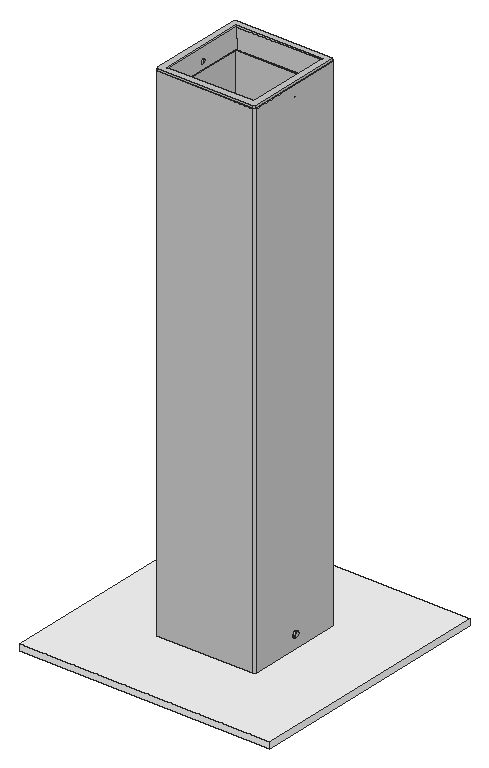
Revit family "BE_84002_de_DE", category Leuchten, Revit 2020
Family settings
  Basisbauteil = Fläche
  Bemaßung runder Anschluss = Durchmesser verwenden
  Teiletyp = Normal
  Beim Laden mit Abzugskörper schneiden = Ja
  Lichtquelle = Nein
  Gemeinsam genutzt = Nein
  Raumberechnungspunkt = Ja
Parameters (values of type "BEGA_84002_Silber")
  Default Elevation = 0 mm
  Umgebungstemperatur = ""
  URL = "https://www.bega.com/de/produkt/84002"
  Typenkommentare = "© 2022 BEGA. Wir behalten uns das Recht vor, technische Änderungen ohne vorherige Ankündigung vorzunehmen."  # constant formula
  Typenbild = 84002.png
  Sonderanfertigung = no
  Seriennummer [instance] = "Hier können Sie die eindeutige Seriennummer für das Facility Management eintragen."
  Schutzklasse = ""
  Schutzart = ""
  Scheinlast = 0 VA
  Produktdatenblatt = "https://cdn.bega.com/bega/products/84002A/current/documents/data-sheets/de"
  Oberflächentemperatur = ""
  Modell = "84002A"
  Material_18 = BEGA_Gummi_schwarz
  Material_17 = BEGA_Reflektor
  Material_11 = BEGA_Glas_opal
  Material_09 = BEGA_Glas_klar
  Material_06 = BEGA_Oberfläche_Edelstahl_gebürstet
  Material_03 = BEGA_Oberfläche_Weiss_matt
  Material_02 = BEGA_Oberfläche_Silber_matt
  Material_01 [instance] = BEGA_Oberfläche_Grafit_matt
  M_W = no
  M_G = no
  M_A = yes
  Logo = 0
  Leuchtenanzahl = ""
  Lastklassifizierung = Beleuchtung
  Hersteller = "BEGA"  # constant formula
  Halbstreuwinkel = ""
  Gewicht = "5.2 kg"
  Gebrauchslageneinschränkung [instance] = ""
  Erdstück = no
  Energieeffizienzklasse = ""
  ENEC = ""
  Dimmbar [instance] = "on/off"
  CE_Konformität = "ja"
  Bestellnummer_Erdstück = if(Erdstück, "70895", "---")  # "---"
  Bestellnummer = "84002A"
  Beschreibung_Sonderanfertigung = "Hier können Sie Informationen zur Sonderanfertigung eintragen."
  Beschreibung = "Pollerleuchtenrohr"
  Befestigungsbohrung = ""
  Befestigungsabstand = ""
  Ballwurfsicher = ""
  BEGA_Intern_aus = yes
  BEGA_Intern_an = yes
  BEGA_Intern_Konstruktion = yes
  BEGA_Intern = yes
  BEGA_IES = yes
  BEGA_Dummy = no
  Aktualisierung = "2022-05-19T04:00:07"
Types (2, lengths in mm): name | Modell | M_G | M_A | Bestellnummer
  BEGA_84002_Grafit | "84002" | yes | no | "84002"
  BEGA_84002_Silber | "84002A" | no | yes | "84002A"
Reference planes
  plane 1 "Mitte (Vorne/Hinten)": y = 0
  plane 2: z = 0
  plane 3 "Mitte (Links/Rechts)": x = 0
  plane 4 "Links": x = -80
  plane 5 "Rechts": x = 80
  plane 6 "Unten": y = -80
  plane 7 "Oben": y = 80
  plane 8 "Vorne": z = 815.25
  plane 9 "Hinten": z = 0
Forms (mm)
  Extrusion 1, solid, material "BEGA_Platte_Weiss"
    sketch origin (0, -1119.2, 0) x (1, 0, 0) y (0, 1, 0)
      loop
        line (-200, 1319.2) -> (-200, 919.2) -> (200, 919.2) -> (200, 1319.2) -> (-200, 1319.2)
    from 0 to -10
  Extrusion 2, solid, material "BEGA_Dummy_matt", visible <- "BEGA_Dummy"
    sketch origin (80.095, -76.023, 0) x (1, 0, 0) y (0, 1, 0)
      loop
        line (-160.095, 156.023) -> (-160.095, -3.977) -> (-0.095, -3.977) -> (-0.095, 156.023) -> (-160.095, 156.023)
    from 0 to 815.25
Dimensions and locks
  plane 1 "Mitte (Vorne/Hinten)" to Extrusion 1 = 200 mm
  aligned and locked: plane 2 to Extrusion 1
  aligned and locked: level to Extrusion 1
Nested families
  nested 1: "BE_84002_Pollerrohr" at (0, 0, 0), type "BE_84002_Pollerrohr"
Connectors
  electrical at (0, 0, 0), driven by "Lastklassifizierung", driven by "Scheinlast"
    settings: index 1, voltage 0 V, apparent load 0 VA, apparent load phase1 0 VA, apparent load phase2 0 VA, apparent load phase3 0 VA, power factor 1, load classification "Beleuchtung", number of poles 1, system type 31, power factor state 1, is connector primary yes, connector utility no, sub classification motor no, connector description ""
Definition of nested family "BE_84002_Pollerrohr"
  Parameters (values of type "BE_84002_Pollerrohr")
    Default Elevation = 1 mm
    URL = "http://www.bega.de/de/produkt"
    Type Comments = "© 2015 BEGA. Wir behalten uns das Recht vor, technische Änderungen ohne vorherige Ankündigung vorzunehmen. "  # constant formula
    Type Image = (empty or 0)
    Material_18 = none
    Material_17 = none
    Material_15 = none
    Material_11 = none
    Material_09 = none
    Material_06 = none
    Material_03 = none
    Material_02 = none
    Material_01 = none
    M_W = yes
    M_G = yes
    M_A = yes
    Länge_Platte = 200 mm  # constant formula
    Höhe_Platte = -10 mm  # constant formula
    Manufacturer = "BEGA"  # constant formula
    Breite_Platte = 200 mm  # constant formula
  Reference planes
    plane 1 "Mitte (Oben/Unten)": y = 0
    plane 2: z = 0
    plane 3 "Mitte (Links/Rechts)": x = 0
    plane 4: x = -80
    plane 5: x = 80
    plane 6: y = -80
    plane 7: y = 80
    plane 8: z = 815.25
  Forms (mm)
    Extrusion 1, solid, detail levels medium
      sketch origin (0, 0, 0) x (1, 0, 0) y (0, 1, 0)
        loop
          line (-100, 100) -> (-100, -100) -> (100, -100) -> (100, 100) -> (-100, 100)
      from 0 to -10 <- "Höhe_Platte"
    Sweep 2, solid, material <- "Material_01", visible <- "M_G", detail levels medium+fine
      path origin (0, 0, 0) x (1, 0, 0) y (0, 1, 0)
        loop
          line (-80, -80) -> (80, -80) -> (80, 80) -> (-80, 80) -> (-80, -80)
      profile origin (-80, 0, 0) x (-1, 0, 0) y (0, 0, 1)
        loop
          line (0, 2.25) -> (0, 812.25) -> (-2.5, 812.25) -> (-2.5, 2.25) -> (0, 2.25)
    Revolve 3, solid, material <- "Material_01", visible <- "M_G", detail levels medium+fine
      sketch origin (0, 0, 0) x (1, 0, 0) y (0, 0, 1)
        loop
          line (-76, 0) -> (0, 0) -> (0, 5.5) -> (-76, 5.5) -> (-76, 0)
        axis (0, 5.5) -> (0, 0)
      angle from 0 to 360
    Extrusion 4, void
      sketch origin (0, 0, 0) x (1, 0, 0) y (0, 1, 0)
        loop
          arc (37.007, 10.621) -> (32.676, 13.011) -> (30.28, 8.683) r 3.5
          arc (30.28, 8.683) -> (31.501, 0.001) -> (30.281, -8.682) r 31.5
          arc (30.281, -8.682) -> (32.683, -13.012) -> (37.011, -10.606) r 3.5
          arc (37.011, -10.606) -> (38.501, 0.008) -> (37.007, 10.621) r 38.5
        loop
          arc (-7.62, 30.564) -> (-5.071, 34.807) -> (-9.314, 37.357) r 3.5
          arc (-9.314, 37.357) -> (-19.25, 33.342) -> (-27.694, 26.744) r 38.5
          arc (-27.694, 26.744) -> (-27.608, 21.795) -> (-22.659, 21.882) r 3.5
          arc (-22.659, 21.882) -> (-15.75, 27.28) -> (-7.62, 30.564) r 31.5
        loop
          arc (-22.655, -21.885) -> (-27.603, -21.791) -> (-27.698, -26.739) r 3.5
          arc (-27.698, -26.739) -> (-19.247, -33.343) -> (-9.301, -37.359) r 38.5
          arc (-9.301, -37.359) -> (-5.069, -34.801) -> (-7.619, -30.564) r 3.5
          arc (-7.619, -30.564) -> (-15.747, -27.281) -> (-22.655, -21.885) r 31.5
        loop
          arc (-52.386, 15.021) -> (-54.497, 0.004) -> (-52.388, -15.014) r 54.493
          arc (-52.388, -15.014) -> (-46.83, -18.105) -> (-43.744, -12.544) r 4.495
          arc (-43.744, -12.544) -> (-45.507, -0.001) -> (-43.745, 12.543) r 45.516
          arc (-43.745, 12.543) -> (-46.826, 18.102) -> (-52.386, 15.021) r 4.495
        loop
          arc (32.736, 31.613) -> (39.091, 31.504) -> (39.201, 37.859) r 4.495
          arc (39.201, 37.859) -> (27.254, 47.193) -> (13.199, 52.875) r 54.493
          arc (13.199, 52.875) -> (7.738, 49.612) -> (11.01, 44.157) r 4.494
          arc (11.01, 44.157) -> (22.754, 39.411) -> (32.736, 31.613) r 45.516
        loop
          arc (11.011, -44.156) -> (7.737, -49.605) -> (13.186, -52.878) r 4.495
          arc (13.186, -52.878) -> (27.246, -47.198) -> (39.197, -37.863) r 54.493
          arc (39.197, -37.863) -> (39.096, -31.505) -> (32.737, -31.612) r 4.495
          arc (32.737, -31.612) -> (22.755, -39.411) -> (11.011, -44.156) r 45.516
      from 0 to 8.204
    Extrusion 5, solid, material <- "Material_01", visible <- "M_G", detail levels medium+fine
      sketch origin (0, 0, 0) x (1, 0, 0) y (0, 1, 0)
        loop
          line (-77.5, -77.5) -> (77.5, -77.5) -> (77.5, 77.5) -> (-77.5, 77.5) -> (-77.5, -77.5)
        loop
          circle (0, 0) r 76
      from 5.5 to 10
    Extrusion 6, void
      sketch origin (0, 0, 0) x (1, 0, 0) y (0, 1, 0)
        loop
          line (80.489, 80.398) -> (76.42, 80.398) -> (80.489, 76.329) -> (80.489, 80.398)
        loop
          line (-80.489, 80.398) -> (-80.489, 76.329) -> (-76.42, 80.398) -> (-80.489, 80.398)
        loop
          line (80.489, -80.398) -> (80.489, -76.329) -> (76.42, -80.398) -> (80.489, -80.398)
        loop
          line (-80.489, -80.398) -> (-76.42, -80.398) -> (-80.489, -76.329) -> (-80.489, -80.398)
      from 0 to 812.25
    Sweep 7, solid, material <- "Material_01", visible <- "M_G", detail levels medium+fine
      path origin (0, 0, 0) x (1, 0, 0) y (0, 1, 0)
        loop
          line (-80, 80) -> (-80, -80) -> (80, -80) -> (80, 80) -> (-80, 80)
      profile origin (-80, 0, 0) x (1, 0, 0) y (0, 0, 1)
        loop
          line (1, 812.25) -> (2.75, 812.25) -> (2.75, 775.75) -> (6.5, 775.75) -> (12.681, 781.931) -> (11.567, 813.82)
          arc (11.567, 813.82) -> (11.377, 814.605) -> (10.892, 815.25) r 2
          line (10.892, 815.25) -> (1, 815.25) -> (1, 812.25)
    Extrusion 8, void
      sketch origin (0, 0, 0) x (1, 0, 0) y (0, 1, 0)
        loop
          line (-76.464, 79) -> (-79, 79) -> (-79, 76.464) -> (-76.464, 79)
        loop
          line (76.464, 79) -> (79, 76.464) -> (79, 79) -> (76.464, 79)
        loop
          line (-76.464, -79) -> (-79, -76.464) -> (-79, -79) -> (-76.464, -79)
        loop
          line (76.464, -79) -> (79, -79) -> (79, -76.464) -> (76.464, -79)
      from 812.25 to 816.372
    Revolve 9, void
      sketch origin (0, 0, 0) x (1, 0, 0) y (0, 0, 1)
        loop
          line (73.928, 29.5) -> (73.928, 24.25) -> (80.728, 24.25) -> (80.728, 29.5) -> (73.928, 29.5)
        axis (73.928, 24.25) -> (80.728, 24.25)
      angle from 0 to 360
    Revolve 10, solid, material <- "Material_06", detail levels fine
      sketch origin (0, 0, 0) x (1, 0, 0) y (0, 0, 1)
        loop
          line (81.58, 29.25) -> (73.265, 29.25) -> (73.265, 24.25) -> (82.5, 24.25) -> (82.5, 28.33) -> (81.58, 29.25)
        axis (73.265, 24.25) -> (82.5, 24.25)
      angle from 0 to 360
    Revolve 11, void
      sketch origin (0, 0, 0) x (-1, 0, 0) y (0, 0, 1)
        loop
          line (80.356, 796.75) -> (72.98, 796.75) -> (72.98, 794.75) -> (80.356, 794.75) -> (80.356, 796.75)
        axis (72.98, 794.75) -> (80.356, 794.75)
      angle from 0 to 360
    Revolve 12, solid, material <- "Material_02", visible <- "M_A", detail levels medium+fine
      sketch origin (0, 0, 0) x (1, 0, 0) y (0, 0, 1)
        loop
          line (-76, 0) -> (0, 0) -> (0, 5.5) -> (-76, 5.5) -> (-76, 0)
        axis (0, 5.5) -> (0, 0)
      angle from 0 to 360
    Extrusion 13, solid, material <- "Material_02", visible <- "M_A", detail levels medium+fine
      sketch origin (0, 0, 0) x (1, 0, 0) y (0, 1, 0)
        loop
          line (-77.5, -77.5) -> (77.5, -77.5) -> (77.5, 77.5) -> (-77.5, 77.5) -> (-77.5, -77.5)
        loop
          circle (0, 0) r 76
      from 5.5 to 10
    Sweep 14, solid, material <- "Material_02", visible <- "M_A", detail levels medium+fine
      path origin (0, 0, 0) x (1, 0, 0) y (0, 1, 0)
        loop
          line (-80, -80) -> (80, -80) -> (80, 80) -> (-80, 80) -> (-80, -80)
      profile origin (-80, 0, 0) x (-1, 0, 0) y (0, 0, 1)
        loop
          line (0, 2.25) -> (0, 812.25) -> (-2.5, 812.25) -> (-2.5, 2.25) -> (0, 2.25)
    Sweep 15, solid, material <- "Material_02", visible <- "M_A", detail levels medium+fine
      path origin (0, 0, 0) x (1, 0, 0) y (0, 1, 0)
        loop
          line (-80, 80) -> (-80, -80) -> (80, -80) -> (80, 80) -> (-80, 80)
      profile origin (-80, 0, 0) x (1, 0, 0) y (0, 0, 1)
        loop
          line (1, 812.25) -> (2.75, 812.25) -> (2.75, 775.75) -> (6.5, 775.75) -> (12.681, 781.931) -> (11.567, 813.82)
          arc (11.567, 813.82) -> (11.377, 814.605) -> (10.892, 815.25) r 2
          line (10.892, 815.25) -> (1, 815.25) -> (1, 812.25)
    Revolve 16, solid, material <- "Material_06", detail levels fine
      sketch origin (0, 0, 440) x (1, 0, 0) y (0, 0, 1)
        loop
          line (-65.461, 354.75) -> (-67.28, 357.9) -> (-75.75, 357.9) -> (-75.75, 354.75) -> (-65.461, 354.75)
        axis (-75.75, 354.75) -> (-65.461, 354.75)
      angle from 0 to 360
    Revolve 17, void
      sketch origin (0, 0, 0) x (1, 0, 0) y (0, 0, -1)
        loop
          line (80.356, -796.75) -> (80.356, -794.75) -> (72.98, -794.75) -> (72.98, -796.75) -> (80.356, -796.75)
        axis (72.98, -794.75) -> (80.356, -794.75)
      angle from 0 to 360
    Revolve 18, solid, material <- "Material_06", detail levels fine
      sketch origin (0, 0, 440) x (-1, 0, 0) y (0, 0, 1)
        loop
          line (-65.461, 354.75) -> (-67.28, 357.9) -> (-75.75, 357.9) -> (-75.75, 354.75) -> (-65.461, 354.75)
        axis (-75.75, 354.75) -> (-65.461, 354.75)
      angle from 0 to 360
  Cuts and joins
    Extrusion 4 cuts Revolve 3
    joined: Revolve 3, Extrusion 5
    Extrusion 6, Extrusion 8, Revolve 9, Revolve 11, Revolve 17 cuts Sweep 2
    Extrusion 6, Extrusion 8, Revolve 9, Revolve 11, Revolve 17 cuts Sweep 7
    joined: Sweep 2, Sweep 7
    Extrusion 4 cuts Revolve 12
    joined: Revolve 12, Extrusion 13
    Extrusion 6, Revolve 9, Revolve 11, Revolve 17 cuts Sweep 14
    Extrusion 6, Extrusion 8, Revolve 11, Revolve 17 cuts Sweep 15
    joined: Sweep 14, Sweep 15
  Dimensions and locks
    equal spacing: Extrusion 1 sketch curve, plane 3 "Mitte (Links/Rechts)", Extrusion 1 sketch curve
    equal spacing: Extrusion 1 sketch curve, plane 1 "Mitte (Oben/Unten)", Extrusion 1 sketch curve
    "Länge_Platte": Extrusion 1 sketch curve to Extrusion 1 sketch curve
    "Breite_Platte": Extrusion 1 sketch curve to Extrusion 1 sketch curve
    aligned and locked: Extrusion 1 to plane 2
    aligned and locked: level to Extrusion 1
  Automatic sketch dimensions
    Sweep 2 sketch curve to plane 4 = 0 mm
    Sweep 2 sketch curve to plane 5 = 0 mm
    Sweep 2 sketch curve to plane 6 = 0 mm
    plane 7 to Sweep 2 sketch curve = 0 mm
    Sweep 2 sketch curve to profile plane = 0 mm
    Sweep 2 sketch curve to Sweep 2 sketch curve = 2.5 mm
    level to Sweep 2 sketch curve = 2.25 mm
    Sweep 2 sketch curve to Sweep 2 sketch curve = 810 mm
    Revolve 3 sketch curve to level = 0 mm  (x2)
    Revolve 3 sketch curve to plane 3 "Mitte (Links/Rechts)" = 0 mm  (x2)
    plane 4 to Revolve 3 sketch curve = 4 mm
    Revolve 3 sketch curve to Revolve 3 sketch curve = 5.5 mm
    Revolve 3 sketch curve to Revolve 3 sketch curve = 0 mm
    Extrusion 4 sketch curve to plane 1 "Mitte (Oben/Unten)" = 13.782 mm
    plane 4 to Extrusion 4 sketch curve = 31.935 mm
    Extrusion 4 sketch curve to Extrusion 4 sketch curve = 0 mm  (x34)
    Extrusion 4 sketch curve to plane 3 "Mitte (Links/Rechts)" = 25.177 mm
    Extrusion 4 sketch curve to plane 3 "Mitte (Links/Rechts)" = 25.176 mm
    Extrusion 4 sketch curve to plane 3 "Mitte (Links/Rechts)" = 8.467 mm
    Extrusion 4 sketch curve to plane 3 "Mitte (Links/Rechts)" = 8.466 mm
    Extrusion 4 sketch curve to plane 1 "Mitte (Oben/Unten)" = 0 mm  (x3)
    Extrusion 4 sketch curve to plane 3 "Mitte (Links/Rechts)" = 0.004 mm
    Extrusion 4 sketch curve to plane 3 "Mitte (Links/Rechts)" = 0.003 mm  (x2)
    plane 3 "Mitte (Links/Rechts)" to Extrusion 4 sketch curve = 0.001 mm
    plane 3 "Mitte (Links/Rechts)" to Extrusion 4 sketch curve = 0.003 mm
    plane 3 "Mitte (Links/Rechts)" to Extrusion 4 sketch curve = 0.004 mm
    Extrusion 4 sketch curve to Extrusion 4 sketch curve = 0.005 mm
    plane 3 "Mitte (Links/Rechts)" to Extrusion 4 sketch curve = 12.097 mm
    plane 3 "Mitte (Links/Rechts)" to Extrusion 4 sketch curve = 12.098 mm
    Extrusion 4 sketch curve to plane 1 "Mitte (Oben/Unten)" = 9.648 mm
    plane 3 "Mitte (Links/Rechts)" to Extrusion 4 sketch curve = 33.645 mm
    plane 1 "Mitte (Oben/Unten)" to Extrusion 4 sketch curve = 9.647 mm
    Extrusion 4 sketch curve to Extrusion 4 sketch curve = 2.324 mm
    Extrusion 4 sketch curve to Extrusion 4 sketch curve = 2.325 mm
    plane 1 "Mitte (Oben/Unten)" to Extrusion 4 sketch curve = 13.783 mm
    plane 1 "Mitte (Oben/Unten)" to Extrusion 4 sketch curve = 24.313 mm
    Extrusion 4 sketch curve to Extrusion 4 sketch curve = 9.647 mm
    Extrusion 4 sketch curve to Extrusion 4 sketch curve = 25.088 mm  (x2)
    Extrusion 4 sketch curve to Extrusion 4 sketch curve = 14.557 mm  (x2)
    plane 1 "Mitte (Oben/Unten)" to Extrusion 4 sketch curve = 0.007 mm
    plane 1 "Mitte (Oben/Unten)" to Extrusion 4 sketch curve = 0.004 mm
    Extrusion 4 sketch curve to plane 1 "Mitte (Oben/Unten)" = 0.003 mm
    Extrusion 4 sketch curve to Extrusion 4 sketch curve = 0.007 mm
    Extrusion 4 sketch curve to plane 1 "Mitte (Oben/Unten)" = 24.313 mm
    Extrusion 4 sketch curve to Extrusion 4 sketch curve = 9.648 mm
    Extrusion 4 sketch curve to Extrusion 4 sketch curve = 4.32 mm  (x3)
    Extrusion 4 sketch curve to Extrusion 4 sketch curve = 4.323 mm
    Extrusion 4 sketch curve to Extrusion 4 sketch curve = 2.523 mm
    Extrusion 4 sketch curve to Extrusion 4 sketch curve = 2.518 mm  (x2)
    Extrusion 4 sketch curve to Extrusion 4 sketch curve = 2.521 mm
    Extrusion 4 sketch curve to Extrusion 4 sketch curve = 0.847 mm  (x3)
    Extrusion 4 sketch curve to Extrusion 4 sketch curve = 0.835 mm
    Extrusion 4 sketch curve to Extrusion 4 sketch curve = 1.088 mm
    Extrusion 4 sketch curve to Extrusion 4 sketch curve = 1.087 mm  (x2)
    Extrusion 4 sketch curve to Extrusion 4 sketch curve = 1.102 mm
    Extrusion 4 sketch curve to Extrusion 4 sketch curve = 3.364 mm  (x2)
    Extrusion 4 sketch curve to Extrusion 4 sketch curve = 3.233 mm  (x2)
    Extrusion 4 sketch curve to Extrusion 4 sketch curve = 0.001 mm  (x2)
    Extrusion 4 sketch curve to Extrusion 4 sketch curve = 3.362 mm
    Extrusion 4 sketch curve to Extrusion 4 sketch curve = 3.366 mm
    Extrusion 4 sketch curve to Extrusion 4 sketch curve = 3.226 mm
    Extrusion 4 sketch curve to Extrusion 4 sketch curve = 3.232 mm
    Extrusion 4 sketch curve to Extrusion 4 sketch curve = 0.959 mm
    Extrusion 4 sketch curve to Extrusion 4 sketch curve = 1.239 mm
    Extrusion 4 sketch curve to Extrusion 4 sketch curve = 2.428 mm
    Extrusion 4 sketch curve to Extrusion 4 sketch curve = 3.122 mm
    Extrusion 4 sketch curve to Extrusion 4 sketch curve = 2.431 mm
    Extrusion 4 sketch curve to Extrusion 4 sketch curve = 3.123 mm
    Extrusion 5 sketch curve to Extrusion 5 sketch curve = 0 mm  (x2)
    plane 1 "Mitte (Oben/Unten)" to Extrusion 5 sketch curve = 0 mm
    Extrusion 5 sketch curve to plane 3 "Mitte (Links/Rechts)" = 0 mm
    plane 4 to Extrusion 5 sketch curve = 2.5 mm
    plane 5 to Extrusion 5 sketch curve = 2.5 mm
    plane 6 to Extrusion 5 sketch curve = 2.5 mm
    plane 7 to Extrusion 5 sketch curve = 2.5 mm
    plane 4 to Extrusion 5 sketch curve = 4 mm
    Extrusion 6 sketch curve to plane 4 = 0.489 mm  (x2)
    Extrusion 6 sketch curve to plane 7 = 0.398 mm  (x2)
    plane 4 to Extrusion 6 sketch curve = 3.58 mm  (x2)
    Extrusion 6 sketch curve to plane 6 = 0.398 mm  (x2)
    plane 5 to Extrusion 6 sketch curve = 3.58 mm  (x2)
    Extrusion 6 sketch curve to plane 5 = 0.489 mm  (x2)
    plane 6 to Extrusion 6 sketch curve = 3.671 mm  (x2)
    plane 7 to Extrusion 6 sketch curve = 3.671 mm  (x2)
    Sweep 7 sketch curve to plane 4 = 0 mm
    Sweep 7 sketch curve to plane 5 = 0 mm
    Sweep 7 sketch curve to plane 6 = 0 mm
    Sweep 7 sketch curve to plane 7 = 0 mm
    Sweep 7 sketch curve to profile plane = 1 mm
    Sweep 7 sketch curve to Sweep 7 sketch curve = 1.75 mm
    Sweep 7 sketch curve to Sweep 7 sketch curve = 3.75 mm
    Sweep 7 sketch curve to Sweep 7 sketch curve = 6.819 mm
    Sweep 7 sketch curve to Sweep 7 sketch curve = 1.323 mm
    Sweep 7 sketch curve to Sweep 7 sketch curve = 6.181 mm  (x2)
    level to Sweep 7 sketch curve = 775.75 mm
    Sweep 7 sketch curve to Sweep 7 sketch curve = 30.319 mm
    Sweep 7 sketch curve to Sweep 7 sketch curve = 1.5 mm
    Sweep 7 sketch curve to Sweep 7 sketch curve = 3 mm
    Sweep 7 sketch curve to Sweep 7 sketch curve = 0.676 mm
    Sweep 7 sketch curve to Sweep 7 sketch curve = 0 mm  (x2)
    plane 4 to Extrusion 8 sketch curve = 1 mm  (x2)
    plane 6 to Extrusion 8 sketch curve = 1 mm  (x2)
    Extrusion 8 sketch curve to Extrusion 8 sketch curve = 2.536 mm  (x6)
    plane 7 to Extrusion 8 sketch curve = 1 mm  (x2)
    plane 5 to Extrusion 8 sketch curve = 3.536 mm  (x2)
    plane 5 to Extrusion 8 sketch curve = 1 mm  (x2)
    plane 5 to Revolve 9 sketch curve = 6.072 mm
    Revolve 9 sketch curve to plane 5 = 0.728 mm
    level to Revolve 9 sketch curve = 24.25 mm
    Revolve 9 sketch curve to Revolve 9 sketch curve = 5.25 mm
    Revolve 9 sketch curve to Revolve 9 sketch curve = 0 mm  (x3)
    plane 5 to Revolve 10 sketch curve = 6.735 mm
    Revolve 10 sketch curve to plane 5 = 1.58 mm
    Revolve 10 sketch curve to Revolve 10 sketch curve = 0.92 mm
    level to Revolve 10 sketch curve = 24.25 mm
    Revolve 10 sketch curve to Revolve 10 sketch curve = 4.08 mm
    Revolve 10 sketch curve to Revolve 10 sketch curve = 5 mm
    Revolve 10 sketch curve to Revolve 10 sketch curve = 0 mm  (x3)
    plane 4 to Revolve 11 sketch curve = 7.02 mm
    Revolve 11 sketch curve to plane 4 = 0.356 mm
    Revolve 11 sketch curve to Revolve 11 sketch curve = 2 mm
    plane 4 to Revolve 11 sketch curve = 2.919 mm
    Revolve 11 sketch curve to Revolve 11 sketch curve = 0 mm  (x2)
    Revolve 12 sketch curve to level = 0 mm  (x2)
    Revolve 12 sketch curve to plane 3 "Mitte (Links/Rechts)" = 0 mm  (x2)
    plane 4 to Revolve 12 sketch curve = 4 mm
    Revolve 12 sketch curve to Revolve 12 sketch curve = 5.5 mm
    Revolve 12 sketch curve to Revolve 12 sketch curve = 0 mm
    Extrusion 13 sketch curve to Extrusion 13 sketch curve = 0 mm  (x2)
    plane 1 "Mitte (Oben/Unten)" to Extrusion 13 sketch curve = 0 mm
    Extrusion 13 sketch curve to plane 3 "Mitte (Links/Rechts)" = 0 mm
    plane 4 to Extrusion 13 sketch curve = 2.5 mm
    plane 5 to Extrusion 13 sketch curve = 2.5 mm
    plane 6 to Extrusion 13 sketch curve = 2.5 mm
    plane 7 to Extrusion 13 sketch curve = 2.5 mm
    plane 4 to Extrusion 13 sketch curve = 4 mm
    Sweep 14 sketch curve to plane 4 = 0 mm
    Sweep 14 sketch curve to plane 5 = 0 mm
    Sweep 14 sketch curve to plane 6 = 0 mm
    plane 7 to Sweep 14 sketch curve = 0 mm
    Sweep 14 sketch curve to profile plane = 0 mm
    Sweep 14 sketch curve to Sweep 14 sketch curve = 2.5 mm
    level to Sweep 14 sketch curve = 2.25 mm
    Sweep 14 sketch curve to Sweep 14 sketch curve = 810 mm
    Sweep 15 sketch curve to plane 4 = 0 mm
    Sweep 15 sketch curve to plane 5 = 0 mm
    Sweep 15 sketch curve to plane 6 = 0 mm
    Sweep 15 sketch curve to plane 7 = 0 mm
    Sweep 15 sketch curve to profile plane = 1 mm
    Sweep 15 sketch curve to Sweep 15 sketch curve = 1.75 mm
    Sweep 15 sketch curve to Sweep 15 sketch curve = 3.75 mm
    Sweep 15 sketch curve to Sweep 15 sketch curve = 6.819 mm
    Sweep 15 sketch curve to Sweep 15 sketch curve = 1.323 mm
    Sweep 15 sketch curve to Sweep 15 sketch curve = 6.181 mm  (x2)
    level to Sweep 15 sketch curve = 775.75 mm
    Sweep 15 sketch curve to Sweep 15 sketch curve = 30.319 mm
    Sweep 15 sketch curve to Sweep 15 sketch curve = 1.5 mm
    Sweep 15 sketch curve to Sweep 15 sketch curve = 3 mm
    Sweep 15 sketch curve to Sweep 15 sketch curve = 0.676 mm
    Sweep 15 sketch curve to Sweep 15 sketch curve = 0 mm  (x2)
    plane 4 to Revolve 16 sketch curve = 4.25 mm
    Revolve 16 sketch curve to Revolve 16 sketch curve = 8.47 mm
    Revolve 16 sketch curve to Revolve 16 sketch curve = 1.819 mm
    Revolve 16 sketch curve to Revolve 16 sketch curve = 3.15 mm
    Revolve 16 sketch curve to Revolve 16 sketch curve = 0 mm  (x3)
    plane 5 to Revolve 17 sketch curve = 7.02 mm
    Revolve 17 sketch curve to plane 5 = 0.356 mm
    Revolve 17 sketch curve to Revolve 17 sketch curve = 2 mm
    plane 5 to Revolve 17 sketch curve = 2.919 mm
    Revolve 17 sketch curve to Revolve 17 sketch curve = 0 mm  (x2)
    Revolve 18 sketch curve to plane 5 = 4.25 mm
    Revolve 18 sketch curve to Revolve 18 sketch curve = 8.47 mm
    Revolve 18 sketch curve to Revolve 18 sketch curve = 1.819 mm
    Revolve 18 sketch curve to Revolve 18 sketch curve = 3.15 mm
    Revolve 18 sketch curve to Revolve 18 sketch curve = 0 mm  (x3)
    level to Revolve 11 sketch curve = 794.75 mm
    level to Revolve 16 sketch curve = 794.75 mm
    level to Revolve 17 sketch curve = 796.75 mm
    Revolve 18 sketch curve to level = 794.75 mm
